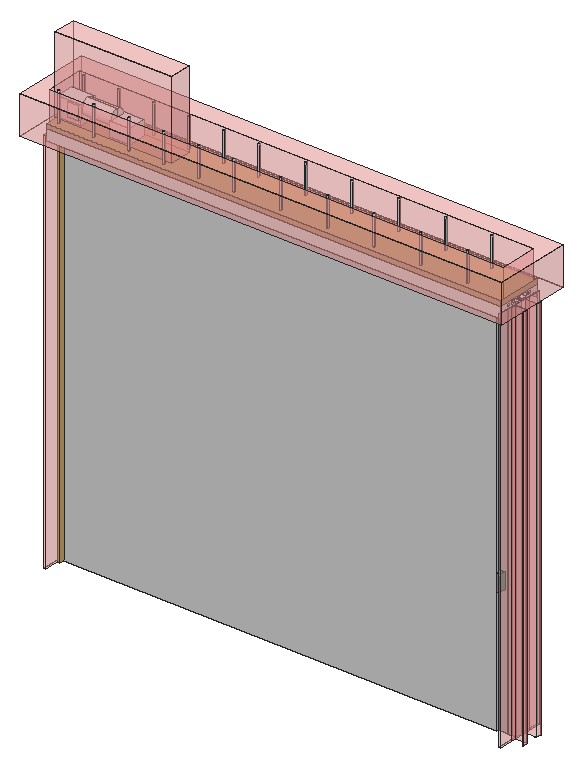
Revit family "Doors-Sliding_WON-DOOR_DuraSound_Motorized_Fixed_N", category Doors, host Wall, Revit 2020 (continued)
Definition of nested family "Second Part"
  Automatic sketch dimensions
    Masking region 6 sketch curve to Masking region 6 sketch curve = 0' - 0.1"  (x2)
    Masking region 6 sketch curve to Masking region 6 sketch curve = 0' - 1 5/8"
    Masking region 6 sketch curve to Masking region 6 sketch curve = 0' - 0.76638"
    Masking region 6 sketch curve to Masking region 6 sketch curve = 0' - 0.215"
    Masking region 6 sketch curve to Masking region 6 sketch curve = 0' - 0.176"  (x4)
    Masking region 6 sketch curve to curve 22 = 0' - 0.05089"  (x2)
    Masking region 6 sketch curve to Masking region 6 sketch curve = 0' - 0.05153"
    Masking region 6 sketch curve to Masking region 6 sketch curve = 0' - 0.0403"  (x2)
    curve 22 to Masking region 6 sketch curve = 0' - 6.76736"  (x2)
    Masking region 6 sketch curve to Masking region 6 sketch curve = 0' - 1.03937"  (x3)
    Masking region 6 sketch curve to Masking region 6 sketch curve = 0' - 0.09699"
    curve 22 to Masking region 6 sketch curve = 0' - 5.50596"  (x2)
    curve 22 to Masking region 6 sketch curve = 0' - 7.08236"  (x2)
    Masking region 6 sketch curve to curve 22 = 0' - 0.06969"  (x2)
    Masking region 6 sketch curve to Masking region 6 sketch curve = 0' - 0.05424"  (x2)
    Masking region 6 sketch curve to Masking region 6 sketch curve = 0' - 0.06801"  (x2)
    Masking region 6 sketch curve to Masking region 6 sketch curve = 0' - 0.06654"  (x2)
    Masking region 6 sketch curve to Masking region 6 sketch curve = 0' - 0.22589"  (x2)
    Masking region 6 sketch curve to Masking region 6 sketch curve = 0' - 0.46464"  (x2)
    Masking region 6 sketch curve to curve 22 = 0' - 0.23033"
    Masking region 6 sketch curve to Masking region 6 sketch curve = 0' - 0.05131"
    Masking region 6 sketch curve to Masking region 6 sketch curve = 0' - 1.52748"
    Masking region 6 sketch curve to Masking region 6 sketch curve = 0' - 0.02374"
    Masking region 6 sketch curve to Masking region 6 sketch curve = 0' - 0.165"  (x2)
    Masking region 6 sketch curve to Masking region 6 sketch curve = 0' - 0.38446"
    Masking region 6 sketch curve to curve 22 = 0' - 0.36892"
    Masking region 6 sketch curve to Masking region 6 sketch curve = 0' - 0.065"
    curve 22 to Masking region 6 sketch curve = 0' - 4.05955"
    curve 22 to Masking region 6 sketch curve = 0' - 6.35177"
    Masking region 6 sketch curve to Masking region 6 sketch curve = 0' - 0.23546"
    curve 22 to Masking region 6 sketch curve = 0' - 5.00435"
    curve 22 to Masking region 6 sketch curve = 0' - 5.48238"
    curve 22 to Masking region 6 sketch curve = 0' - 5.23238"
    curve 22 to Masking region 6 sketch curve = 0' - 6.74379"
    Masking region 6 sketch curve to Masking region 6 sketch curve = 0' - 0.85383"
    Masking region 6 sketch curve to Masking region 6 sketch curve = 0' - 0.87287"
    Masking region 6 sketch curve to Masking region 6 sketch curve = 0' - 0.8814"  (x2)
    Masking region 6 sketch curve to Masking region 6 sketch curve = 0' - 0.91551"
    Masking region 6 sketch curve to Masking region 6 sketch curve = 0' - 0.91747"
    Masking region 6 sketch curve to Masking region 6 sketch curve = 0' - 0.74696"
    Masking region 6 sketch curve to Masking region 6 sketch curve = 0' - 0.69007"
    curve 22 to Masking region 6 sketch curve = 0' - 6.11379"
    Masking region 6 sketch curve to Masking region 6 sketch curve = 0' - 0.315"  (x11)
    Masking region 6 sketch curve to Masking region 6 sketch curve = 0' - 0 1/4"  (x10)
    Masking region 6 sketch curve to Masking region 6 sketch curve = 0' - 0.71661"  (x2)
    Masking region 6 sketch curve to Masking region 6 sketch curve = 0' - 0 1/8"  (x4)
    Masking region 6 sketch curve to Masking region 6 sketch curve = 0' - 0.624"  (x2)
    curve 22 to Masking region 6 sketch curve = 0' - 0.26799"
    Masking region 6 sketch curve to curve 22 = 0' - 0.33033"
    Masking region 6 sketch curve to Masking region 6 sketch curve = 0' - 0.03859"  (x2)
    Masking region 6 sketch curve to curve 22 = 0' - 0.56011"
    Masking region 6 sketch curve to Masking region 6 sketch curve = 0' - 0.35859"  (x2)
    Masking region 6 sketch curve to Masking region 6 sketch curve = 0' - 0.395"
    curve 22 to Masking region 6 sketch curve = 0' - 0.03709"
    curve 22 to Masking region 6 sketch curve = 0' - 0.04115"
    curve 18 to curve 1 = 0' - 0"
    curve 18 to curve 1 = 0' - 11.99789"
    curve 2 to curve 1 = 0' - 3.4981"
    curve 1 to curve 7 = 0' - 0 3/4"
    curve 2 to curve 7 = 0' - 0"
    curve 7 to curve 7 = 0' - 1 1/2"
    curve 2 to curve 4 = 0' - 0 1/8"
    curve 1 to curve 13 = 0' - 1.8731"
    curve 13 to curve 15 = 0' - 0 1/8"
    curve 1 to curve 17 = 0' - 0 5/8"
    curve 12 to curve 17 = 0' - 1 1/2"
    curve 11 to curve 14 = 0' - 1 1/2"
    curve 1 to curve 20 = 0' - 0 5/8"
    curve 16 to curve 20 = 0' - 8.49979"
    curve 14 to curve 1 = 0' - 4 1/8"
    curve 3 to curve 7 = 0' - 3 3/8"
    curve 10 to curve 11 = 0' - 0 1/8"
    curve 5 to curve 2 = 0' - 0 1/8"
    curve 12 to curve 13 = 0' - 0 1/8"
    curve 7 to curve 9 = 0' - 0 1/8"
    curve 23 to curve 1 = 0' - 6.31495"
    curve 1 to curve 23 = 0' - 6 5/16"
    curve 23 to curve 1 = 0' - 5.27969"
    curve 22 to curve 24 = 0' - 6.99379"
    curve 22 to curve 24 = 2' - 4 11/16"
    curve 24 to curve 24 = 1' - 0 5/8"
Types (3): name | Single Door Geometry | Single Door | Second Stack Depth Offset | Second Stack Depth | Offset for Width | Double Door Geometry | Double Door | Array for Second Pocket Vis | Array for Second Pocket Threaded Rods
  (no name) | yes | yes | 0' - 0" | 1' - 0" | 0' - 0" | no | no | no | 2
  Single Parting Door | yes | yes | 0' - 0" | 1' - 0" | 0' - 0" | no | no | no | 2
  Bi-Parting Door | no | no | 0' - 2" | 4' - 6" | 4' - 8" | yes | yes | yes | 6
